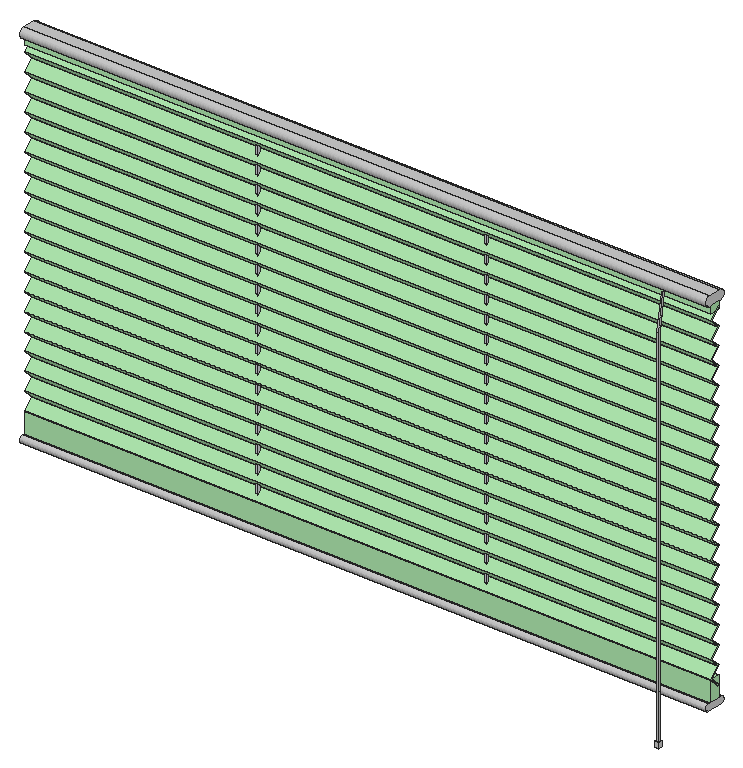
Revit family "Window-Treatment_Pleated_SWFcontract_Pleated", category Specialty Equipment, Revit 2026
Family settings
  Round Connector Dimension = Use Diameter
  Part Type = Normal
  Classification Number = 23.30.60.14
  Work Plane-Based = Yes
  Enable Cutting in Views = No
  Always vertical = No
  Cut with Voids When Loaded = No
  Maintain Annotation Orientation = No
  Shared = No
  Room Calculation Point = No
Parameters
  cellvis [instance] = not(or(and(Cell Count = 2, Large Single Cell Construction), and(or(Small Single Cell Construction, Double Cell Construction), Percent Open = 100)))  # yes
  cellcountcontrol [instance] = if(cellheightcontrol < percentopen, Cell Count + 1, Cell Count)  # 19
  Small Single Cell Construction = no
  cellheightcontrol [instance] = Cell Count * Cell Spacing  # 1' - 11 3/4"
  slatstackvis [instance] = Percent Open > 0  # yes
  slatstackdepthcount [instance] = ((Unit Height - (Header Height + 0' 0 7/16")) - percentopen) / 0' 1"  # 23
  slatstackdepth [instance] = if(slatstackvis, slatstackdepthcount * 0' 0 1/16", 0' 0")  # 0' - 1 7/16"
  percentopenknob [instance] = (Unit Height - (0' 10")) - ((Unit Height - (0' 10")) * (Percent Open / 100))  # 1' - 7"
  percentopen [instance] = (Unit Height - (Header Height + 0' 0 7/16")) - ((Unit Height - (Header Height + 0' 0 7/16")) * (Percent Open / 100))  # 1' - 11 115/256"
  Large Single Cell Construction = yes
  Include Fabric Tapes [instance] = yes
  Header Height = 0' - 0 85/128"
  Header Depth = 0' - 1 69/128"
  handlelength = Unit Height * 0.625  # 2' - 6"
  Warranty Duration (Years) = 0
  Unit Width = 4' - 0"
  Unit Height = 4' - 0"
  URL = "http://www.swfcontract.com/Pages/Home.aspx"
  Specification = "http://www.arcat.com/sdspecs/htm/12490swf.htm"
  SpecWizard = "http://www.arcat.com/specwizard/clients/springsw.html?coid=46294"
  Double Cell Construction = no
  Cell Spacing = 0' - 1 1/4"  # constant formula
  Cell Count [instance] = if((percentopen / 2) < Cell Spacing * 2, 2, (percentopen) / Cell Spacing)  # 19
  Send Message = "http://www.arcat.com/users.pl?action=UserEmail&company=SWFcontract&coid=46294&rep=147&fax=&mf="
  Sales Information = "http://www.swfcontract.com/Pages/Contact-Us.aspx"
  Revision = "R1_03-2014"
  Product Properties = ""
  Product Data = "http://www.arcat.com/arcatcos/cos46/arc46294.html"
  Percent Open [instance] = 50
  Model = "As Specified"
  Manufacturer Website = "http://www.swfcontract.com/Pages/Home.aspx"
  Manufacturer Phone - Toll Free = "800-327-9798"
  Manufacturer Phone = ""
  Manufacturer Fax = ""
  Manufacturer Address = "7549 Graber Rd.  Middleton, WI 53562-1096"
  Manufacturer = "SWFcontract"
  Maintenance Schedule (Months) = 0
  Keynote = "12490"
  Installation-Fabrication = ""
  Installation Phase = ""
  Green Building-LEED = "http://www.arcat.com/green/clients/leed_data_46294.html"
  Fixture Material [instance] = Metal - SWFcontract - Color as Specified
  Fabric Color [instance] = Fabric - SWFcontract - Fabric as Specified
  Expected Lifespan (Years) = 0
  Drawn By = "Sumex Design, Inc. / Robert S. Weygant, CSI, CDT, SCIP"
  Description = "SWFcontract Window Treatment as Specified"
  Default Elevation = 0' - 0"
  Copyright = "©Arcat Inc."
  Control Chord Right [instance] = yes
  Control Chord Left [instance] = not(Control Chord Right)  # no
  Construction Details = "http://www.arcat.com/details/springsw/springsw.html?coid=46294"
  Coarse Medium View Blind Material [instance] = Fabric - SWFcontract - Fabric Pleated as Specified
  Assembly Code = "E2010300"
Reference planes (in)
  plane 1 "Vertical Surface": y = 0
  plane 2 "Bottom": z = 0
  plane 3 "Center (Left/Right)": x = 0
  plane 4 "Left": x = -24
  plane 5 "Right": x = 24
  plane 6 "Top": z = 48
  plane 7: x = -16
  plane 8: x = 16
  plane 9: z = 22.01172
  plane 10: x = -8
  plane 11: x = 8
  plane 12: z = 47.33594
  plane 13: z = 22.44922
  plane 14: z = 19
  plane 15: x = 21
  plane 16: x = -21
  plane 17: z = 45.89844
  plane 18: y = -1.53906
  plane 19: y = -0.76953
  plane 20: z = 25.13672
  plane 21: z = 23.88672
Forms (in)
  Extrusion 1, solid, material "Metal - SWFcontract - Color as Specified" <- "Fixture Material"
    sketch origin (0, 0, 0) x (0, 1, 0) y (0, 0, 1)
      loop
        arc (-0.33203, 47.33594) -> (0, 47.66797) -> (-0.33203, 48) r 0.33203
        line (-0.33203, 48) -> (-1.20703, 48)
        arc (-1.20703, 48) -> (-1.53906, 47.66797) -> (-1.20703, 47.33594) r 0.33203
        line (-1.20703, 47.33594) -> (-0.33203, 47.33594)
    from -24 to 24
  Extrusion 2, solid, material "Metal - SWFcontract - Color as Specified" <- "Fixture Material"
    sketch origin (15.5, -180, 2.35823) x (0, 0, 1) y (0, -1, 0)
      loop
        arc (20.09099, -178.67969) -> (19.87224, -178.46094) -> (19.65349, -178.67969) r 0.21875
        line (19.65349, -178.67969) -> (19.65349, -179.78125)
        arc (19.65349, -179.78125) -> (19.87224, -180) -> (20.09099, -179.78125) r 0.21875
        line (20.09099, -179.78125) -> (20.09099, -178.67969)
    from -39.5 to 8.5
  Extrusion 3, solid, material "Fabric - SWFcontract - Fabric Pleated as Specified" <- "Coarse Medium View Blind Material", detail levels coarse+medium
    sketch origin (0, 0, 0) x (0, 1, 0) y (0, 0, 1)
      loop
        line (-0.39453, 22.44922) -> (-0.39453, 47.33594) -> (-1.14453, 47.33594) -> (-1.14453, 22.44922) -> (-0.39453, 22.44922)
    from -24 to 24
  Extrusion 4, solid, material "Metal - SWFcontract - Color as Specified" <- "Fixture Material", visible <- "Control Chord Right"
    sketch origin (21, -180, 73.87488) x (0, 0, 1) y (0, -1, 0)
      loop
        line (-26.53895, -178.36993) -> (-28.90722, -177.99493) -> (-54.49988, -177.99493) -> (-54.49988, -178.08868) -> (-28.91956, -178.08868) -> (-26.53895, -178.46699) -> (-26.53895, -178.36993)
    from 0.04688 to -0.04688
  Extrusion 5, solid, material "Metal - SWFcontract - Color as Specified" <- "Fixture Material", visible <- "Control Chord Right"
    sketch origin (21, -180, 73.87488) x (0, 0, 1) y (0, -1, 0)
      loop
        line (-54.49988, -177.92471) -> (-54.87488, -177.92471) -> (-54.87488, -178.17471) -> (-54.49988, -178.17471) -> (-54.49988, -177.92471)
    from 0.125 to -0.125
  Extrusion 6, solid, material "Fabric - SWFcontract - Fabric as Specified" <- "Fabric Color", visible <- "slatstackvis", detail levels fine
    sketch origin (0, 0, 0) x (0, 1, 0) y (0, 0, 1)
      loop
        line (-1.14453, 22.38672) -> (-0.39453, 22.38672) -> (-0.39453, 23.88672) -> (-1.14453, 23.88672) -> (-1.14453, 22.38672)
    from -24 to 24
  Extrusion 7, solid, visible <- "Control Chord Left"
    sketch origin (-21, -180, 75.35457) x (0, 0, 1) y (0, -1, 0)
      loop
        line (-28.01863, -178.36993) -> (-30.3869, -177.99493) -> (-55.97957, -177.99493) -> (-55.97957, -178.08868) -> (-30.39924, -178.08868) -> (-28.01863, -178.46699) -> (-28.01863, -178.36993)
    from 0.04688 to -0.04688
  Extrusion 8, solid, material "Metal - SWFcontract - Color as Specified" <- "Fixture Material", visible <- "Control Chord Left"
    sketch origin (-21, -180, 75.35457) x (0, 0, 1) y (0, -1, 0)
      loop
        line (-55.97957, -177.92471) -> (-56.35457, -177.92471) -> (-56.35457, -178.17471) -> (-55.97957, -178.17471) -> (-55.97957, -177.92471)
    from 0.125 to -0.125
  Extrusion 9, solid, material "Fabric - SWFcontract - Fabric as Specified" <- "Fabric Color"
    sketch origin (0, 0, 0) x (0, 1, 0) y (0, 0, 1)
      loop
        line (-0.39453, 47.33594) -> (-1.14453, 47.33594) -> (-1.14453, 46.83594) -> (-0.39453, 46.83594) -> (-0.39453, 47.33594)
    from -24 to 24
  Extrusion 10, solid, detail levels fine
    sketch origin (0, 0.1875, 0) x (1, 0, 0) y (0, 1, 0)
      loop
        line (-8.0625, -0.86328) -> (-8.0625, -0.98828) -> (-7.9375, -0.98828) -> (-7.9375, -0.86328) -> (-8.0625, -0.86328)
      loop
        line (8.0625, -0.86328) -> (7.9375, -0.86328) -> (7.9375, -0.98828) -> (8.0625, -0.98828) -> (8.0625, -0.86328)
    from 22.44922 to 47.33594
Dimensions and locks (in)
  "Unit Width": plane 4 "Left" to plane 5 "Right"
  "Unit Height": plane 6 "Top" to level
  equal spacing: plane 5 "Right", plane 8, plane 11, plane 3 "Center (Left/Right)", plane 10, plane 7, plane 4 "Left"
  locked: plane 6 "Top" to Extrusion 3 sketch curve at 0.66406
  locked: plane 13 to plane 9 at 0.4375
  "Header Height": plane 6 "Top" to plane 12
  "percentopenknob": plane 14 to level
  locked: Extrusion 4 sketch curve to plane 14 at 0.375
  locked: plane 16 to plane 4 "Left" at 3
  locked: plane 5 "Right" to plane 15 at 3
  locked: Extrusion 5 sketch curve to plane 14 at 0.375
  "percentopen": plane 13 to plane 17
  "slatstackdepth": plane 17 to plane 12
  locked: Extrusion 7 sketch curve to Extrusion 7 sketch curve at 0.01234
  locked: Extrusion 7 sketch curve to plane 14 at 0.375
  "Header Depth": plane 18 to plane 1 "Vertical Surface"
  equal spacing: Extrusion 6 sketch curve, plane 19, Extrusion 6 sketch curve
  locked: Extrusion 6 sketch curve to Extrusion 6 sketch curve at 0.75
  equal spacing: Extrusion 3 sketch curve, plane 19, Extrusion 3 sketch curve
  locked: Extrusion 3 sketch curve to Extrusion 3 sketch curve at 0.75
  equal spacing: plane 18, plane 19, plane 1 "Vertical Surface"
  Extrusion 4 sketch curve to Extrusion 4 sketch curve to Extrusion 4 sketch curve to plane 18 to Extrusion 4 sketch curve = 0' - 0 3/32" locked, 0' - 0 9/32" locked, 0' - 0.09101" locked, 0' - 0.00605" locked
  Extrusion 7 sketch curve to Extrusion 7 sketch curve to Extrusion 7 sketch curve to plane 18 to Extrusion 7 sketch curve = 0' - 0 3/32" locked, 0' - 0 9/32" locked, 0' - 0.09101" locked, 0' - 0.00605" locked
  Extrusion 5 sketch curve to Extrusion 5 sketch curve to plane 18 = 0' - 0 1/4" locked, 0' - 0.28623" locked
  Extrusion 8 sketch curve to Extrusion 8 sketch curve to plane 18 = 0' - 0 1/4" locked, 0' - 0.28623" locked
  locked: Extrusion 8 sketch curve to plane 14 at 0.375
  "slatstackdepth": plane 13 to plane 21
  "Cell Spacing": plane 21 to plane 20
  locked: Extrusion 6 sketch curve to plane 13 at 0.0625
  equal spacing: group 1, group 2, group 3, group 4, group 5, group 6, group 7, group 8, group 9, group 10, group 11, group 12, group 13, group 14, group 15, group 16, group 17, group 18, group 19  (x3)
  "Cell Spacing": nested 2 to nested 1
  Extrusion 10 sketch curve to plane 10 to Extrusion 10 sketch curve = 0' - 0 1/16" locked, 0' - 0 1/16" locked
  Extrusion 10 sketch curve to plane 11 to Extrusion 10 sketch curve = 0' - 0 1/16" locked, 0' - 0 1/16" locked
  locked: Extrusion 9 sketch curve to plane 12 at 0.5
  aligned and locked: plane 5 "Right" to Extrusion 1
  aligned and locked: Extrusion 1 to plane 4 "Left"
  aligned and locked: plane 5 "Right" to Extrusion 2
  aligned and locked: Extrusion 2 to plane 4 "Left"
  aligned and locked: plane 5 "Right" to Extrusion 3
  aligned and locked: Extrusion 3 to plane 4 "Left"
  aligned and locked: plane 12 to Extrusion 4 sketch curve
  aligned and locked: plane 14 to Extrusion 5 sketch curve
  aligned and locked: plane 5 "Right" to Extrusion 6
  aligned and locked: Extrusion 6 to plane 4 "Left"
  aligned and locked: plane 12 to Extrusion 7 sketch curve
  aligned and locked: plane 14 to Extrusion 8 sketch curve
  aligned and locked: plane 13 to Extrusion 2 sketch curve
  aligned and locked: Extrusion 1 sketch curve to plane 6 "Top"
  aligned and locked: Extrusion 3 sketch curve to plane 13
  aligned and locked: Extrusion 6 sketch curve to plane 21
  aligned and locked: nested 2 to plane 20
  aligned and locked: Extrusion 9 sketch curve to plane 12
  aligned and locked: plane 5 "Right" to Extrusion 9
  aligned and locked: Extrusion 9 to plane 4 "Left"
  aligned and locked: nested 1 to plane 21
  aligned and locked: Extrusion 10 to plane 12
  aligned and locked: plane 13 to Extrusion 10
Automatic sketch dimensions
  Extrusion 4 sketch curve to Extrusion 4 sketch curve = 0' - 0.01234"
  plane 19 to Extrusion 1 sketch curve = 0' - 0 7/16"
  Extrusion 1 sketch curve to plane 19 = 0' - 0 7/16"
  plane 12 to Extrusion 1 sketch curve = 0' - 0"
  plane 1 "Vertical Surface" to Extrusion 2 sketch curve = 0' - 0 7/32"
  plane 18 to Extrusion 2 sketch curve = 0' - 0 7/32"
  Extrusion 2 sketch curve to plane 9 = 0' - 0"
  Extrusion 4 sketch curve to plane 17 = 0' - 0.94311"
  Extrusion 7 sketch curve to plane 17 = 0' - 0.94311"
  plane 19 to Extrusion 10 sketch curve = 0' - 0 1/32"  (x2)
  Extrusion 10 sketch curve to plane 19 = 0' - 0 3/32"  (x2)
  plane 19 to Extrusion 9 sketch curve = 0' - 0 3/8"
  Extrusion 9 sketch curve to plane 19 = 0' - 0 3/8"
Nested families (in)
  nested 1: "Pleated" at (0, -0.76953, 23.88672), mat <- "Fabric Color", Unit Width <- "Unit Width", visible <- "cellvis", type "Pleat"
    with slat width 0' - 1", mat Fabric - SWFcontract - Fabric as Specified, Unit Width 4' - 0", Blind Rotate 0.00°
  nested 2: "Pleated" at (0, -0.76953, 25.13672), mat <- "Fabric Color", Unit Width <- "Unit Width", visible <- "cellvis", type "Pleat"
    with slat width 0' - 1", mat Fabric - SWFcontract - Fabric as Specified, Unit Width 4' - 0", Blind Rotate 0.00°
  nested 3: "Pleated" at (0, -0.76953, 26.38672), mat <- "Fabric Color", Unit Width <- "Unit Width", visible <- "cellvis", type "Pleat"
    with slat width 0' - 1", mat Fabric - SWFcontract - Fabric as Specified, Unit Width 4' - 0", Blind Rotate 0.00°
  nested 4: "Pleated" at (0, -0.76953, 27.63672), mat <- "Fabric Color", Unit Width <- "Unit Width", visible <- "cellvis", type "Pleat"
    with slat width 0' - 1", mat Fabric - SWFcontract - Fabric as Specified, Unit Width 4' - 0", Blind Rotate 0.00°
  nested 5: "Pleated" at (0, -0.76953, 28.88672), mat <- "Fabric Color", Unit Width <- "Unit Width", visible <- "cellvis", type "Pleat"
    with slat width 0' - 1", mat Fabric - SWFcontract - Fabric as Specified, Unit Width 4' - 0", Blind Rotate 0.00°
  nested 6: "Pleated" at (0, -0.76953, 30.13672), mat <- "Fabric Color", Unit Width <- "Unit Width", visible <- "cellvis", type "Pleat"
    with slat width 0' - 1", mat Fabric - SWFcontract - Fabric as Specified, Unit Width 4' - 0", Blind Rotate 0.00°
  nested 7: "Pleated" at (0, -0.76953, 31.38672), mat <- "Fabric Color", Unit Width <- "Unit Width", visible <- "cellvis", type "Pleat"
    with slat width 0' - 1", mat Fabric - SWFcontract - Fabric as Specified, Unit Width 4' - 0", Blind Rotate 0.00°
  nested 8: "Pleated" at (0, -0.76953, 32.63672), mat <- "Fabric Color", Unit Width <- "Unit Width", visible <- "cellvis", type "Pleat"
    with slat width 0' - 1", mat Fabric - SWFcontract - Fabric as Specified, Unit Width 4' - 0", Blind Rotate 0.00°
  nested 9: "Pleated" at (0, -0.76953, 33.88672), mat <- "Fabric Color", Unit Width <- "Unit Width", visible <- "cellvis", type "Pleat"
    with slat width 0' - 1", mat Fabric - SWFcontract - Fabric as Specified, Unit Width 4' - 0", Blind Rotate 0.00°
  nested 10: "Pleated" at (0, -0.76953, 35.13672), mat <- "Fabric Color", Unit Width <- "Unit Width", visible <- "cellvis", type "Pleat"
    with slat width 0' - 1", mat Fabric - SWFcontract - Fabric as Specified, Unit Width 4' - 0", Blind Rotate 0.00°
  nested 11: "Pleated" at (0, -0.76953, 36.38672), mat <- "Fabric Color", Unit Width <- "Unit Width", visible <- "cellvis", type "Pleat"
    with slat width 0' - 1", mat Fabric - SWFcontract - Fabric as Specified, Unit Width 4' - 0", Blind Rotate 0.00°
  nested 12: "Pleated" at (0, -0.76953, 37.63672), mat <- "Fabric Color", Unit Width <- "Unit Width", visible <- "cellvis", type "Pleat"
    with slat width 0' - 1", mat Fabric - SWFcontract - Fabric as Specified, Unit Width 4' - 0", Blind Rotate 0.00°
  nested 13: "Pleated" at (0, -0.76953, 38.88672), mat <- "Fabric Color", Unit Width <- "Unit Width", visible <- "cellvis", type "Pleat"
    with slat width 0' - 1", mat Fabric - SWFcontract - Fabric as Specified, Unit Width 4' - 0", Blind Rotate 0.00°
  nested 14: "Pleated" at (0, -0.76953, 40.13672), mat <- "Fabric Color", Unit Width <- "Unit Width", visible <- "cellvis", type "Pleat"
    with slat width 0' - 1", mat Fabric - SWFcontract - Fabric as Specified, Unit Width 4' - 0", Blind Rotate 0.00°
  nested 15: "Pleated" at (0, -0.76953, 41.38672), mat <- "Fabric Color", Unit Width <- "Unit Width", visible <- "cellvis", type "Pleat"
    with slat width 0' - 1", mat Fabric - SWFcontract - Fabric as Specified, Unit Width 4' - 0", Blind Rotate 0.00°
  nested 16: "Pleated" at (0, -0.76953, 42.63672), mat <- "Fabric Color", Unit Width <- "Unit Width", visible <- "cellvis", type "Pleat"
    with slat width 0' - 1", mat Fabric - SWFcontract - Fabric as Specified, Unit Width 4' - 0", Blind Rotate 0.00°
  nested 17: "Pleated" at (0, -0.76953, 43.88672), mat <- "Fabric Color", Unit Width <- "Unit Width", visible <- "cellvis", type "Pleat"
    with slat width 0' - 1", mat Fabric - SWFcontract - Fabric as Specified, Unit Width 4' - 0", Blind Rotate 0.00°
  nested 18: "Pleated" at (0, -0.76953, 45.13672), mat <- "Fabric Color", Unit Width <- "Unit Width", visible <- "cellvis", type "Pleat"
    with slat width 0' - 1", mat Fabric - SWFcontract - Fabric as Specified, Unit Width 4' - 0", Blind Rotate 0.00°
  nested 19: "Pleated" at (0, -0.76953, 46.38672), mat <- "Fabric Color", Unit Width <- "Unit Width", visible <- "cellvis", type "Pleat"
    with slat width 0' - 1", mat Fabric - SWFcontract - Fabric as Specified, Unit Width 4' - 0", Blind Rotate 0.00°
Definition of nested family "Pleated"
  Parameters
    slat width [instance] = 0' - 1"
    mat [instance] = none
    Warranty Duration (Years) = 0
    Unit Width [instance] = 2' - 8"
    URL = ""
    Specification = ""
    SpecWizard = ""
    Send Message = ""
    Sales Information = ""
    Revision = "R1_01-2014"
    Product Properties = ""
    Product Data = ""
    Model = "As Specified"
    Manufacturer Website = ""
    Manufacturer Phone - Toll Free = ""
    Manufacturer Phone = ""
    Manufacturer Fax = ""
    Manufacturer Address = ""
    Manufacturer = ""
    Maintenance Schedule (Months) = 0
    Keynote = ""
    Installation-Fabrication = ""
    Installation Phase = ""
    Green Building-LEED = ""
    Expected Lifespan (Years) = 0
    Drawn By = "Sumex Design, Inc. / Robert S. Weygant, CSI, CDT, SCIP"
    Description = ""
    Default Elevation = 0' - 0"
    Copyright = "©Arcat Inc."
    Construction Details = ""
    Blind Rotate [instance] = 0.00°
    Assembly Code = ""
  Reference planes (in)
    plane 1 "Center (Front/Back)": y = 0
    plane 2 "Bottom": z = 0
    plane 3 "Center (Left/Right)": x = 0
    plane 4 "Left": x = -16
    plane 5 "Right": x = 16
  Forms (in)
    Sweep 1, solid, material <- "mat"
      path origin (0, 0, 0) x (1, 0, 0) y (0, 1, 0)
        loop
          line (-16, 0) -> (16, 0)
      profile "Pleat : Pleat" origin (0, 0, 0) x (0, 1, 0) y (0, 0, 1)
        loop
          line (-0.27737, 0) -> (0.375, 0.625) -> (0.27737, 0.625) -> (-0.375, 0) -> (0.27737, -0.625) -> (0.375, -0.625) -> (-0.27737, 0)
  Dimensions and locks (in)
    equal spacing: plane 4 "Left", plane 3 "Center (Left/Right)", plane 5 "Right"
    "Unit Width": plane 4 "Left" to plane 5 "Right"
    aligned and locked: plane 4 "Left" to Sweep 1 sketch curve
    aligned and locked: plane 5 "Right" to Sweep 1 sketch curve
  Automatic sketch dimensions
    plane 1 "Center (Front/Back)" to Sweep 1 sketch curve = 0' - 0"
